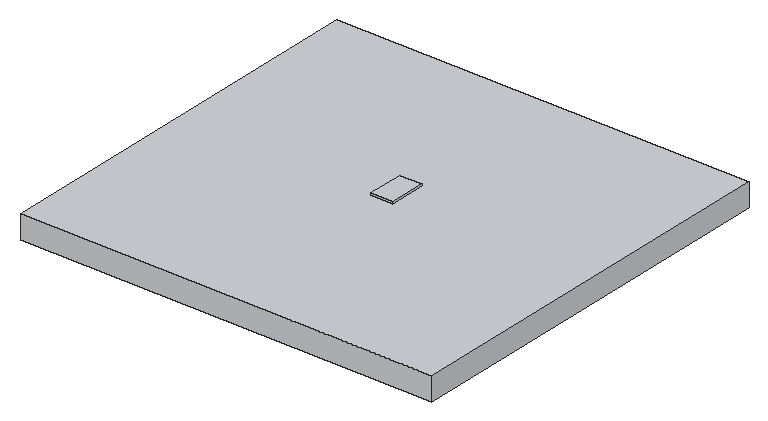
Revit family "9de8c42c3ddf4ac19c1a014fe2528eca", category Electrical Fixtures, host Face, Revit 2021
Family settings
  Host = Face
  Maintain Annotation Orientation = Yes
  Round Connector Dimension = Use Diameter
  Part Type = Switch
  OmniClass Number = 23.80.50.11.14
  OmniClass Title = Switches
  Seek Item ID = Switch-0000-USA-ENU
  Cut with Voids When Loaded = No
  Shared = No
  Room Calculation Point = No
Parameters (values of type "Fan")
  Switch Voltage = 120 V
  Switch Number of Poles = 1
  Load Classification = Other
  Label = "F"
  Default Elevation = 4' - 0"
  Assembly Code = ""
  Apparent Load = 0 VA
Types (4): name | Label
  Motorized Door | "MD"
  Motorized Shade | "MS"
  Projection Screen | "PS"
  Fan | "F"
Reference planes (in)
  plane 1 "Center (Front/Back)": y = 0
  plane 2: z = 0
  plane 3 "Center (Left/Right)": x = 0
  plane 4: x = -1.375
  plane 5: x = 1.375
  plane 6: x = -0.75
  plane 7: x = 0.75
  plane 8: y = 2.25
  plane 9: y = -2.25
  plane 10: y = 1.5
  plane 11: y = -1.5
  plane 12 "level above": z = 0.1875
  plane 13 "level below": z = -2.125
Forms (in)
  Extrusion 1, solid
    sketch origin (0, 0, 0) x (1, 0, 0) y (0, 1, 0)
      loop
        line (-25.375, 22.5) -> (-25.375, -26.25) -> (25.375, -26.25) -> (25.375, 22.5) -> (-25.375, 22.5)
    from 0 to -2.86111
  Extrusion 2, solid
    sketch origin (0, 0, 0) x (1, 0, 0) y (0, 1, 0)
      loop
        line (-1.375, 2.25) -> (-1.375, -2.25) -> (1.375, -2.25) -> (1.375, 2.25) -> (-1.375, 2.25)
    from 0 to 0.1875
  Extrusion 3, solid
    sketch origin (0, 0, 0) x (1, 0, 0) y (0, 1, 0)
      loop
        line (-0.75, 1.5) -> (-0.75, -1.5) -> (0.75, -1.5) -> (0.75, 1.5) -> (-0.75, 1.5)
    from 0 to -2.125
Lines and regions (in)
  symbolic lines, detail levels fine
    curve 1: line (-1.375, 0, 0.1875) -> (1.375, 0, 0.1875)
    curve 2: line (-1.375, 0, 0) -> (-1.375, 0, 0.1875)
    curve 3: line (1.375, 0, 0) -> (-1.375, 0, 0)
    curve 4: line (1.375, 0, 0.1875) -> (1.375, 0, 0)
    curve 5: line (-0.75, 0, -2.125) -> (0.75, 0, -2.125)
    curve 6: line (-0.75, 0, 0) -> (-0.75, 0, -2.125)
    curve 7: line (0.75, 0, -2.125) -> (0.75, 0, 0)
Dimensions and locks (in)
  equal spacing: plane 6, plane 3 "Center (Left/Right)", plane 7, locked at 0.75 each
  locked: plane 6 to plane 7 at 1.5
  equal spacing: plane 4, plane 3 "Center (Left/Right)", plane 5, locked at 1.375 each
  locked: plane 4 to plane 5 at 2.75
  locked: plane 8 to plane 9 at 4.5
  locked: plane 12 "level above" to level at 0.1875
  locked: level to plane 13 "level below" at 2.125
  locked: plane 10 to plane 11 at 3
  equal spacing: plane 10, plane 1 "Center (Front/Back)", plane 11, locked at 1.5 each
  equal spacing: plane 8, plane 1 "Center (Front/Back)", plane 9, locked at 2.25 each
  aligned and locked: plane 2 to Extrusion 1
  aligned and locked: level to Extrusion 1
  aligned and locked: plane 8 to Extrusion 2
  aligned and locked: Extrusion 2 to plane 9
  aligned and locked: plane 5 to Extrusion 2
  aligned and locked: Extrusion 2 to plane 4
  aligned and locked: Extrusion 2 to level
  aligned and locked: plane 12 "level above" to Extrusion 2
  aligned and locked: plane 10 to Extrusion 3
  aligned and locked: Extrusion 3 to plane 6
  aligned and locked: plane 7 to Extrusion 3
  aligned and locked: Extrusion 3 to plane 11
  aligned and locked: Extrusion 3 to level
  aligned and locked: Extrusion 3 to plane 13 "level below"
  aligned and locked: plane 3 "Center (Left/Right)" to nested 1
  aligned and locked: plane 1 "Center (Front/Back)" to nested 1
  aligned and locked: curve 1 to plane 12 "level above"
  aligned and locked: plane 2 to curve 3
  aligned and locked: curve 5 to plane 13 "level below"
Automatic sketch dimensions
  Extrusion 2 sketch curve to plane 4 = 0' - 0"
  Extrusion 2 sketch curve to plane 5 = 0' - 0"
  Extrusion 2 sketch curve to plane 9 = 0' - 0"
  Extrusion 2 sketch curve to plane 8 = 0' - 0"
  Extrusion 3 sketch curve to plane 6 = 0' - 0"
  Extrusion 3 sketch curve to plane 7 = 0' - 0"
  Extrusion 3 sketch curve to plane 11 = 0' - 0"
  Extrusion 3 sketch curve to plane 10 = 0' - 0"
  Extrusion 1 sketch curve to Extrusion 1 sketch curve = 4' - 2 3/4"
  Extrusion 1 sketch curve to Extrusion 1 sketch curve = 4' - 0 3/4"
  curve 2 to plane 4 = 0' - 0"
  curve 3 to plane 5 = 0' - 0"
  plane 4 to curve 7 = 0' - 2 1/8"
  curve 5 to curve 5 = 0' - 1 1/2"
Nested families (in)
  nested 1: "Switch Annotation" at (0, 0, 0), type "Switch Annotation", detail levels coarse+medium
Connectors (in)
  electrical at (0, 1.5, -1.0625), driven by "Switch Voltage", driven by "Apparent Load", driven by "Switch Number of Poles", driven by "Load Classification"
    settings: on Extrusion 3, index 1, voltage 120 V, apparent load 0 VA, apparent load phase1 0 VA, apparent load phase2 0 VA, apparent load phase3 0 VA, power factor 1, load classification "Other", number of poles 1, system type 31, power factor state 1, is connector primary yes, connector utility no, sub classification motor no, connector description ""
Definition of nested family "Switch Annotation"
  Parameters
    Label = "WP"
  Reference planes (in)
    plane 1: y = 0
    plane 2: x = 0
  Lines and regions (in)
    detail lines
      curve 1: line (0, 0.125, 0) -> (0, 0, 0)
      curve 3: arc (0.01506, 0.11153, 0) -> (-0.02442, 0.09683, 0) -> (0, 0.0625, 0) r 0.02655
      curve 4: arc (0, 0.0625, 0) -> (0.01543, 0.02147, 0) -> (-0.02827, 0.02483, 0) r 0.02599
    reference lines
      curve 2: line (0, 0.0625, 0) -> (-0.11983, 0.0625, 0)
      curve 5: line (0.10095, -0.04722, 0) -> (0.10095, 0.09386, 0)
      curve 6: line (0.10095, -0.04722, 0) -> (0.28349, -0.04722, 0)
      curve 7: line (0.10095, 0.04579, 0) -> (0.31014, 0.04579, 0)
  Text (in)
    label "2" at (0.02544, -0.00499, 0), shows "Label"
  Dimensions and locks (in)
    locked: curve 6 to curve 7 at 0.09301
    locked: curve 1 to curve 5 at 0.10095
    locked: curve 1 to curve 1 at 0.125
    locked: plane 1 to curve 2 at 0.0625
    aligned and locked: curve 1 to curve 2
    aligned and locked: curve 3 to curve 2
    aligned and locked: curve 4 to curve 2
    aligned and locked: plane 1 to curve 1
    aligned and locked: curve 1 to plane 2
    aligned and locked: plane 2 to curve 1
